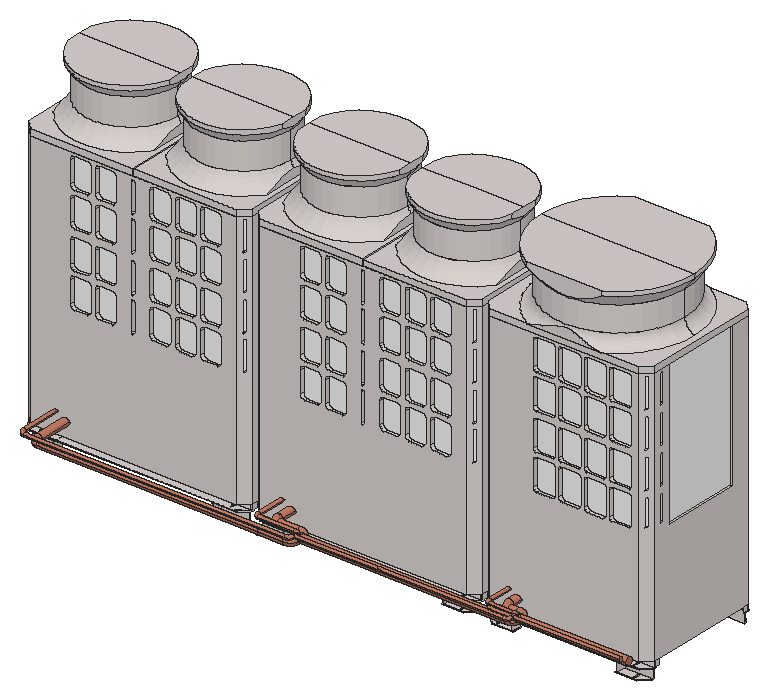
Revit family "PUHY-EP1000YSNW-A1", category 機械設備, Revit 2016 (continued)
Definition of nested family "PUHY-EP250YNW-A1"
  Forms (mm)
    Extrusion 5, void
      sketch origin (-10, -370, 113) x (1, 0, 0) y (0, 0, -1)
        loop
          arc (-55, -1393.5) -> (-40.858, -1387.642) -> (-35, -1373.5) r 20
          line (-35, -1373.5) -> (-35, -1238.676)
          arc (-35, -1238.676) -> (-40.858, -1224.534) -> (-55, -1218.676) r 20
          line (-55, -1218.676) -> (-139.8, -1218.676)
          arc (-139.8, -1218.676) -> (-153.942, -1224.534) -> (-159.8, -1238.676) r 20
          line (-159.8, -1238.676) -> (-159.8, -1373.5)
          arc (-159.8, -1373.5) -> (-153.942, -1387.642) -> (-139.8, -1393.5) r 20
          line (-139.8, -1393.5) -> (-55, -1393.5)
      from 0 to 20
    Extrusion 6, void
      sketch origin (410, -370, -81) x (1, 0, 0) y (0, 0, -1)
        loop
          arc (-55, -1393.5) -> (-40.858, -1387.642) -> (-35, -1373.5) r 20
          line (-35, -1373.5) -> (-35, -1238.676)
          arc (-35, -1238.676) -> (-40.858, -1224.534) -> (-55, -1218.676) r 20
          line (-55, -1218.676) -> (-139.8, -1218.676)
          arc (-139.8, -1218.676) -> (-153.942, -1224.534) -> (-159.8, -1238.676) r 20
          line (-159.8, -1238.676) -> (-159.8, -1373.5)
          arc (-159.8, -1373.5) -> (-153.942, -1387.642) -> (-139.8, -1393.5) r 20
          line (-139.8, -1393.5) -> (-55, -1393.5)
      from 0 to 20
    Extrusion 7, void
      sketch origin (270, -370, -81) x (1, 0, 0) y (0, 0, -1)
        loop
          arc (-55, -1393.5) -> (-40.858, -1387.642) -> (-35, -1373.5) r 20
          line (-35, -1373.5) -> (-35, -1238.676)
          arc (-35, -1238.676) -> (-40.858, -1224.534) -> (-55, -1218.676) r 20
          line (-55, -1218.676) -> (-139.8, -1218.676)
          arc (-139.8, -1218.676) -> (-153.942, -1224.534) -> (-159.8, -1238.676) r 20
          line (-159.8, -1238.676) -> (-159.8, -1373.5)
          arc (-159.8, -1373.5) -> (-153.942, -1387.642) -> (-139.8, -1393.5) r 20
          line (-139.8, -1393.5) -> (-55, -1393.5)
      from 0 to 20
    Extrusion 8, void
      sketch origin (130, -370, -81) x (1, 0, 0) y (0, 0, -1)
        loop
          arc (-55, -1393.5) -> (-40.858, -1387.642) -> (-35, -1373.5) r 20
          line (-35, -1373.5) -> (-35, -1238.676)
          arc (-35, -1238.676) -> (-40.858, -1224.534) -> (-55, -1218.676) r 20
          line (-55, -1218.676) -> (-139.8, -1218.676)
          arc (-139.8, -1218.676) -> (-153.942, -1224.534) -> (-159.8, -1238.676) r 20
          line (-159.8, -1238.676) -> (-159.8, -1373.5)
          arc (-159.8, -1373.5) -> (-153.942, -1387.642) -> (-139.8, -1393.5) r 20
          line (-139.8, -1393.5) -> (-55, -1393.5)
      from 0 to 20
    Extrusion 9, void
      sketch origin (-10, -370, -81) x (1, 0, 0) y (0, 0, -1)
        loop
          arc (-55, -1393.5) -> (-40.858, -1387.642) -> (-35, -1373.5) r 20
          line (-35, -1373.5) -> (-35, -1238.676)
          arc (-35, -1238.676) -> (-40.858, -1224.534) -> (-55, -1218.676) r 20
          line (-55, -1218.676) -> (-139.8, -1218.676)
          arc (-139.8, -1218.676) -> (-153.942, -1224.534) -> (-159.8, -1238.676) r 20
          line (-159.8, -1238.676) -> (-159.8, -1373.5)
          arc (-159.8, -1373.5) -> (-153.942, -1387.642) -> (-139.8, -1393.5) r 20
          line (-139.8, -1393.5) -> (-55, -1393.5)
      from 0 to 20
    Extrusion 10, void
      sketch origin (410, -370, -287) x (1, 0, 0) y (0, 0, -1)
        loop
          arc (-55, -1393.5) -> (-40.858, -1387.642) -> (-35, -1373.5) r 20
          line (-35, -1373.5) -> (-35, -1238.676)
          arc (-35, -1238.676) -> (-40.858, -1224.534) -> (-55, -1218.676) r 20
          line (-55, -1218.676) -> (-139.8, -1218.676)
          arc (-139.8, -1218.676) -> (-153.942, -1224.534) -> (-159.8, -1238.676) r 20
          line (-159.8, -1238.676) -> (-159.8, -1373.5)
          arc (-159.8, -1373.5) -> (-153.942, -1387.642) -> (-139.8, -1393.5) r 20
          line (-139.8, -1393.5) -> (-55, -1393.5)
      from 0 to 20
    Extrusion 11, void
      sketch origin (270, -370, -287) x (1, 0, 0) y (0, 0, -1)
        loop
          arc (-55, -1393.5) -> (-40.858, -1387.642) -> (-35, -1373.5) r 20
          line (-35, -1373.5) -> (-35, -1238.676)
          arc (-35, -1238.676) -> (-40.858, -1224.534) -> (-55, -1218.676) r 20
          line (-55, -1218.676) -> (-139.8, -1218.676)
          arc (-139.8, -1218.676) -> (-153.942, -1224.534) -> (-159.8, -1238.676) r 20
          line (-159.8, -1238.676) -> (-159.8, -1373.5)
          arc (-159.8, -1373.5) -> (-153.942, -1387.642) -> (-139.8, -1393.5) r 20
          line (-139.8, -1393.5) -> (-55, -1393.5)
      from 0 to 20
    Extrusion 12, void
      sketch origin (130, -370, -287) x (1, 0, 0) y (0, 0, -1)
        loop
          arc (-55, -1393.5) -> (-40.858, -1387.642) -> (-35, -1373.5) r 20
          line (-35, -1373.5) -> (-35, -1238.676)
          arc (-35, -1238.676) -> (-40.858, -1224.534) -> (-55, -1218.676) r 20
          line (-55, -1218.676) -> (-139.8, -1218.676)
          arc (-139.8, -1218.676) -> (-153.942, -1224.534) -> (-159.8, -1238.676) r 20
          line (-159.8, -1238.676) -> (-159.8, -1373.5)
          arc (-159.8, -1373.5) -> (-153.942, -1387.642) -> (-139.8, -1393.5) r 20
          line (-139.8, -1393.5) -> (-55, -1393.5)
      from 0 to 20
    Extrusion 13, void
      sketch origin (-10, -370, -287) x (1, 0, 0) y (0, 0, -1)
        loop
          arc (-55, -1393.5) -> (-40.858, -1387.642) -> (-35, -1373.5) r 20
          line (-35, -1373.5) -> (-35, -1238.676)
          arc (-35, -1238.676) -> (-40.858, -1224.534) -> (-55, -1218.676) r 20
          line (-55, -1218.676) -> (-139.8, -1218.676)
          arc (-139.8, -1218.676) -> (-153.942, -1224.534) -> (-159.8, -1238.676) r 20
          line (-159.8, -1238.676) -> (-159.8, -1373.5)
          arc (-159.8, -1373.5) -> (-153.942, -1387.642) -> (-139.8, -1393.5) r 20
          line (-139.8, -1393.5) -> (-55, -1393.5)
      from 0 to 20
    Extrusion 14, void
      sketch origin (410, -370, -481) x (1, 0, 0) y (0, 0, -1)
        loop
          arc (-55, -1393.5) -> (-40.858, -1387.642) -> (-35, -1373.5) r 20
          line (-35, -1373.5) -> (-35, -1238.676)
          arc (-35, -1238.676) -> (-40.858, -1224.534) -> (-55, -1218.676) r 20
          line (-55, -1218.676) -> (-139.8, -1218.676)
          arc (-139.8, -1218.676) -> (-153.942, -1224.534) -> (-159.8, -1238.676) r 20
          line (-159.8, -1238.676) -> (-159.8, -1373.5)
          arc (-159.8, -1373.5) -> (-153.942, -1387.642) -> (-139.8, -1393.5) r 20
          line (-139.8, -1393.5) -> (-55, -1393.5)
      from 0 to 20
    Extrusion 15, void
      sketch origin (270, -370, -481) x (1, 0, 0) y (0, 0, -1)
        loop
          arc (-55, -1393.5) -> (-40.858, -1387.642) -> (-35, -1373.5) r 20
          line (-35, -1373.5) -> (-35, -1238.676)
          arc (-35, -1238.676) -> (-40.858, -1224.534) -> (-55, -1218.676) r 20
          line (-55, -1218.676) -> (-139.8, -1218.676)
          arc (-139.8, -1218.676) -> (-153.942, -1224.534) -> (-159.8, -1238.676) r 20
          line (-159.8, -1238.676) -> (-159.8, -1373.5)
          arc (-159.8, -1373.5) -> (-153.942, -1387.642) -> (-139.8, -1393.5) r 20
          line (-139.8, -1393.5) -> (-55, -1393.5)
      from 0 to 20
    Extrusion 16, void
      sketch origin (130, -370, -481) x (1, 0, 0) y (0, 0, -1)
        loop
          arc (-55, -1393.5) -> (-40.858, -1387.642) -> (-35, -1373.5) r 20
          line (-35, -1373.5) -> (-35, -1238.676)
          arc (-35, -1238.676) -> (-40.858, -1224.534) -> (-55, -1218.676) r 20
          line (-55, -1218.676) -> (-139.8, -1218.676)
          arc (-139.8, -1218.676) -> (-153.942, -1224.534) -> (-159.8, -1238.676) r 20
          line (-159.8, -1238.676) -> (-159.8, -1373.5)
          arc (-159.8, -1373.5) -> (-153.942, -1387.642) -> (-139.8, -1393.5) r 20
          line (-139.8, -1393.5) -> (-55, -1393.5)
      from 0 to 20
    Extrusion 17, void
      sketch origin (-10, -370, -481) x (1, 0, 0) y (0, 0, -1)
        loop
          arc (-55, -1393.5) -> (-40.858, -1387.642) -> (-35, -1373.5) r 20
          line (-35, -1373.5) -> (-35, -1238.676)
          arc (-35, -1238.676) -> (-40.858, -1224.534) -> (-55, -1218.676) r 20
          line (-55, -1218.676) -> (-139.8, -1218.676)
          arc (-139.8, -1218.676) -> (-153.942, -1224.534) -> (-159.8, -1238.676) r 20
          line (-159.8, -1238.676) -> (-159.8, -1373.5)
          arc (-159.8, -1373.5) -> (-153.942, -1387.642) -> (-139.8, -1393.5) r 20
          line (-139.8, -1393.5) -> (-55, -1393.5)
      from 0 to 20
    Extrusion 18, solid
      sketch origin (0, -189, -3) x (0, 0, -1) y (-1, 0, 0)
        loop
          circle (-179, 217) r 11.1
      from 0 to 150
    Extrusion 19, solid
      sketch origin (0, -172, -3) x (0, 0, -1) y (-1, 0, 0)
        loop
          circle (-179, 300) r 4.76
      from 0 to 150
    Extrusion 20, void
      sketch origin (-460, -320, 113) x (0, -1, 0) y (0, 0, -1)
        loop
          line (-611.5, -1236.511) -> (-611.5, -1386.5)
          arc (-611.5, -1386.5) -> (-601.5, -1396.5) -> (-591.5, -1386.5) r 10
          line (-591.5, -1386.5) -> (-591.5, -1236.511)
          arc (-591.5, -1236.511) -> (-601.5, -1226.511) -> (-611.5, -1236.511) r 10
      from 0 to 20
    Extrusion 21, void
      sketch origin (-460, -320, -87.006) x (0, -1, 0) y (0, 0, -1)
        loop
          line (-611.5, -1236.511) -> (-611.5, -1386.5)
          arc (-611.5, -1386.5) -> (-601.5, -1396.5) -> (-591.5, -1386.5) r 10
          line (-591.5, -1386.5) -> (-591.5, -1236.511)
          arc (-591.5, -1236.511) -> (-601.5, -1226.511) -> (-611.5, -1236.511) r 10
      from 0 to 20
    Extrusion 22, void
      sketch origin (-460, -320, -287.006) x (0, -1, 0) y (0, 0, -1)
        loop
          line (-611.5, -1236.511) -> (-611.5, -1386.5)
          arc (-611.5, -1386.5) -> (-601.5, -1396.5) -> (-591.5, -1386.5) r 10
          line (-591.5, -1386.5) -> (-591.5, -1236.511)
          arc (-591.5, -1236.511) -> (-601.5, -1226.511) -> (-611.5, -1236.511) r 10
      from 0 to 20
    Extrusion 23, void
      sketch origin (-460, -320, -479.506) x (0, -1, 0) y (0, 0, -1)
        loop
          line (-611.5, -1244.006) -> (-611.5, -1379.006)
          arc (-611.5, -1379.006) -> (-601.5, -1389.006) -> (-591.5, -1379.006) r 10
          line (-591.5, -1379.006) -> (-591.5, -1244.006)
          arc (-591.5, -1244.006) -> (-601.5, -1234.006) -> (-611.5, -1244.006) r 10
      from 0 to 20
    Extrusion 24, void
      sketch origin (-460, -320, 113) x (0, -1, 0) y (0, 0, -1)
        loop
          line (-543, -1408) -> (-215, -1408) -> (-215, -632) -> (-543, -632) -> (-543, -1408)
      from 0 to 20
    Extrusion 25, void
      sketch origin (-410, 370, 113) x (0.707107, 0.707107, 0) y (0, 0, 1)
        loop
          line (-27.158, 1236.539) -> (-27.158, 1386.461)
          arc (-27.158, 1386.461) -> (-37.158, 1396.461) -> (-47.158, 1386.461) r 10
          line (-47.158, 1386.461) -> (-47.158, 1236.539)
          arc (-47.158, 1236.539) -> (-37.158, 1226.539) -> (-27.158, 1236.539) r 10
        loop
          line (-27.158, 1036.539) -> (-27.158, 1186.461)
          arc (-27.158, 1186.461) -> (-37.158, 1196.461) -> (-47.158, 1186.461) r 10
          line (-47.158, 1186.461) -> (-47.158, 1036.539)
          arc (-47.158, 1036.539) -> (-37.158, 1026.539) -> (-27.158, 1036.539) r 10
        loop
          line (-27.158, 836.539) -> (-27.158, 986.461)
          arc (-27.158, 986.461) -> (-37.158, 996.461) -> (-47.158, 986.461) r 10
          line (-47.158, 986.461) -> (-47.158, 836.539)
          arc (-47.158, 836.539) -> (-37.158, 826.539) -> (-27.158, 836.539) r 10
        loop
          line (-27.158, 652.5) -> (-27.158, 785.5)
          arc (-27.158, 785.5) -> (-37.158, 795.5) -> (-47.158, 785.5) r 10
          line (-47.158, 785.5) -> (-47.158, 652.5)
          arc (-47.158, 652.5) -> (-37.158, 642.5) -> (-27.158, 652.5) r 10
      from 0 to 20
    Extrusion 26, void
      sketch origin (460, -320, 113) x (0.707107, 0.707107, 0) y (0, 0, -1)
        loop
          arc (-25.5, -1236.423) -> (-35.5, -1226.423) -> (-45.5, -1236.423) r 10
          line (-45.5, -1236.423) -> (-45.5, -1386.487)
          arc (-45.5, -1386.487) -> (-35.5, -1396.487) -> (-25.5, -1386.487) r 10
          line (-25.5, -1386.487) -> (-25.5, -1236.423)
      from 0 to 20
    Extrusion 27, void
      sketch origin (460, -320, -86.884) x (0.707107, 0.707107, 0) y (0, 0, -1)
        loop
          arc (-25.5, -1236.423) -> (-35.5, -1226.423) -> (-45.5, -1236.423) r 10
          line (-45.5, -1236.423) -> (-45.5, -1386.487)
          arc (-45.5, -1386.487) -> (-35.5, -1396.487) -> (-25.5, -1386.487) r 10
          line (-25.5, -1386.487) -> (-25.5, -1236.423)
      from 0 to 20
    Extrusion 28, void
      sketch origin (460, -320, -286.884) x (0.707107, 0.707107, 0) y (0, 0, -1)
        loop
          arc (-25.5, -1236.423) -> (-35.5, -1226.423) -> (-45.5, -1236.423) r 10
          line (-45.5, -1236.423) -> (-45.5, -1386.487)
          arc (-45.5, -1386.487) -> (-35.5, -1396.487) -> (-25.5, -1386.487) r 10
          line (-25.5, -1386.487) -> (-25.5, -1236.423)
      from 0 to 20
    Extrusion 29, void
      sketch origin (460, -320, -487.987) x (0.707107, 0.707107, 0) y (0, 0, -1)
        loop
          arc (-25.5, -1253.487) -> (-35.5, -1243.487) -> (-45.5, -1253.487) r 10
          line (-45.5, -1253.487) -> (-45.5, -1386.487)
          arc (-45.5, -1386.487) -> (-35.5, -1396.487) -> (-25.5, -1386.487) r 10
          line (-25.5, -1386.487) -> (-25.5, -1253.487)
      from 0 to 20
    Extrusion 30, void
      sketch origin (460, 320, 113) x (0, 1, 0) y (0, 0, -1)
        loop
          line (-604, -1236.423) -> (-604, -1386.487)
          arc (-604, -1386.487) -> (-594, -1396.487) -> (-584, -1386.487) r 10
          line (-584, -1386.487) -> (-584, -1236.423)
          arc (-584, -1236.423) -> (-594, -1226.423) -> (-604, -1236.423) r 10
        loop
          line (-604, -1036.539) -> (-604, -1186.603)
          arc (-604, -1186.603) -> (-594, -1196.603) -> (-584, -1186.603) r 10
          line (-584, -1186.603) -> (-584, -1036.539)
          arc (-584, -1036.539) -> (-594, -1026.539) -> (-604, -1036.539) r 10
        loop
          line (-604, -836.539) -> (-604, -986.603)
          arc (-604, -986.603) -> (-594, -996.603) -> (-584, -986.603) r 10
          line (-584, -986.603) -> (-584, -836.539)
          arc (-584, -836.539) -> (-594, -826.539) -> (-604, -836.539) r 10
        loop
          line (-604, -652.5) -> (-604, -785.5)
          arc (-604, -785.5) -> (-594, -795.5) -> (-584, -785.5) r 10
          line (-584, -785.5) -> (-584, -652.5)
          arc (-584, -652.5) -> (-594, -642.5) -> (-604, -652.5) r 10
      from 0 to 20
    Extrusion 31, void
      sketch origin (460, 320, 113) x (0, 1, 0) y (0, 0, -1)
        loop
          line (-542, -1408) -> (-100, -1408) -> (-100, -611.5) -> (-542, -611.5) -> (-542, -1408)
      from 0 to 20
    Extrusion 32, void
      sketch origin (-410, 370, 113) x (-1, 0, 0) y (0, 0, -1)
        loop
          line (-718, -1408) -> (-47, -1408) -> (-47, -613) -> (-718, -613) -> (-718, -1408)
      from 0 to 20
  Cuts and joins
    Extrusion 2, Extrusion 3, Extrusion 4, Extrusion 5, Extrusion 6, Extrusion 7, Extrusion 8, Extrusion 9, Extrusion 10, Extrusion 11, Extrusion 12, Extrusion 13, Extrusion 14, Extrusion 15, Extrusion 16, Extrusion 17, Extrusion 20, Extrusion 21, Extrusion 22, Extrusion 23, Extrusion 24, Extrusion 25, Extrusion 26, Extrusion 27, Extrusion 28, Extrusion 29, Extrusion 30, Extrusion 31, Extrusion 32 cuts Extrusion 1
  Lines and regions (mm)
    model lines
      curve 1: line (-390, -370, 716) -> (390, -370, 716)
      curve 2: line (-390, -370, 1521) -> (-390, -370, 95)
      curve 3: line (390, -370, 1521) -> (390, -370, 95)
      curve 4: line (-172, -370, 95) -> (-172, -370, 207.5)
      curve 5: line (390, -370, 224.5) -> (199, -370, 224.5)
      curve 6: line (172, -370, 197.5) -> (172, -370, 95)
      curve 7: arc (-189, -370, 224.5) -> (-176.979, -370, 219.521) -> (-172, -370, 207.5) r 17
      curve 8: arc (199, -370, 224.5) -> (179.908, -370, 216.592) -> (172, -370, 197.5) r 27
      curve 9: line (-192, -291, 95) -> (-322, -291, 95)
      curve 10: line (-182, -207, 95) -> (-182, -281, 95)
      curve 11: line (-322, -197, 95) -> (-192, -197, 95)
      curve 12: line (-332, -281, 95) -> (-332, -207, 95)
      curve 13: arc (-332, -281, 95) -> (-329.071, -288.071, 95) -> (-322, -291, 95) r 10
      curve 14: arc (-192, -291, 95) -> (-184.929, -288.071, 95) -> (-182, -281, 95) r 10
      curve 15: arc (-182, -207, 95) -> (-184.929, -199.929, 95) -> (-192, -197, 95) r 10
      curve 16: arc (-322, -197, 95) -> (-329.071, -199.929, 95) -> (-332, -207, 95) r 10
      curve 25: line (-219, -370, 1521) -> (-219, -370, 716)
      curve 26: line (-189, -370, 224.5) -> (-390, -370, 224.5)
      curve 27: circle (308, -185, 95) r 26 normal (0, 0, 1)
      curve 28: circle (288, -260, 95) r 32.5 normal (0, 0, 1)
      curve 29: circle (244, -204, 95) r 17 normal (0, 0, 1)
      curve 30: line (-460, 243, 1521) -> (-460, 243, 95)
      curve 32: line (-460, 243, 705) -> (-460, -155, 705)
      curve 33: line (-460, -155, 95) -> (-460, -155, 1521)
      curve 34: line (-460, 223, 1521) -> (-460, 223, 705)
      curve 35: line (-460, -105, 1521) -> (-460, -105, 705)
      curve 36: line (-460, -95.983, 267.745) -> (-460, 184, 267.745)
      curve 37: line (-460, 184, 247.745) -> (-460, -95.983, 247.745)
      curve 38: arc (-460, -95.983, 247.745) -> (-460, -105.983, 257.745) -> (-460, -95.983, 267.745) r 10
      curve 39: arc (-460, 184, 267.745) -> (-460, 194, 257.745) -> (-460, 184, 247.745) r 10
      curve 40: line (-460, -95.983, 372.745) -> (-460, 184, 372.745)
      curve 41: line (-460, 184, 352.745) -> (-460, -95.983, 352.745)
      curve 42: arc (-460, -95.983, 352.745) -> (-460, -105.983, 362.745) -> (-460, -95.983, 372.745) r 10
      curve 43: arc (-460, 184, 372.745) -> (-460, 194, 362.745) -> (-460, 184, 352.745) r 10
      curve 44: line (-460, -95.983, 477.745) -> (-460, 184, 477.745)
      curve 45: line (-460, 184, 457.745) -> (-460, -95.983, 457.745)
      curve 46: arc (-460, -95.983, 457.745) -> (-460, -105.983, 467.745) -> (-460, -95.983, 477.745) r 10
      curve 47: arc (-460, 184, 477.745) -> (-460, 194, 467.745) -> (-460, 184, 457.745) r 10
      curve 48: line (-460, -95.983, 582.745) -> (-460, 184, 582.745)
      curve 49: line (-460, 184, 562.745) -> (-460, -95.983, 562.745)
      curve 50: arc (-460, -95.983, 562.745) -> (-460, -105.983, 572.745) -> (-460, -95.983, 582.745) r 10
      curve 51: arc (-460, 184, 582.745) -> (-460, 194, 572.745) -> (-460, 184, 562.745) r 10
      curve 52: line (-110, -370, 269) -> (110, -370, 269)
      curve 53: line (110, -370, 249) -> (-110, -370, 249)
      curve 54: arc (-120, -370, 259) -> (-117.071, -370, 266.071) -> (-110, -370, 269) r 10
      curve 55: arc (-110, -370, 249) -> (-117.071, -370, 251.929) -> (-120, -370, 259) r 10
      curve 56: arc (110, -370, 269) -> (117.071, -370, 266.071) -> (120, -370, 259) r 10
      curve 57: arc (120, -370, 259) -> (117.071, -370, 251.929) -> (110, -370, 249) r 10
      curve 58: line (-222.5, -370, 584) -> (222.5, -370, 584)
      curve 59: line (222.5, -370, 564) -> (-222.5, -370, 564)
      curve 60: arc (-222.5, -370, 584) -> (-229.571, -370, 581.071) -> (-232.5, -370, 574) r 10
      curve 61: arc (222.5, -370, 584) -> (229.571, -370, 581.071) -> (232.5, -370, 574) r 10
      curve 62: arc (232.5, -370, 574) -> (229.571, -370, 566.929) -> (222.5, -370, 564) r 10
      curve 63: arc (-222.5, -370, 564) -> (-229.571, -370, 566.929) -> (-232.5, -370, 574) r 10
      curve 64: line (-222.5, -370, 479) -> (222.5, -370, 479)
      curve 65: line (222.5, -370, 459) -> (-222.5, -370, 459)
      curve 66: arc (-222.5, -370, 479) -> (-229.571, -370, 476.071) -> (-232.5, -370, 469) r 10
      curve 67: arc (222.5, -370, 479) -> (229.571, -370, 476.071) -> (232.5, -370, 469) r 10
      curve 68: arc (232.5, -370, 469) -> (229.571, -370, 461.929) -> (222.5, -370, 459) r 10
      curve 69: arc (-222.5, -370, 459) -> (-229.571, -370, 461.929) -> (-232.5, -370, 469) r 10
      curve 70: line (-222.5, -370, 374) -> (222.5, -370, 374)
      curve 71: line (222.5, -370, 354) -> (-222.5, -370, 354)
      curve 72: arc (-222.5, -370, 374) -> (-229.571, -370, 371.071) -> (-232.5, -370, 364) r 10
      curve 73: arc (222.5, -370, 374) -> (229.571, -370, 371.071) -> (232.5, -370, 364) r 10
      curve 74: arc (232.5, -370, 364) -> (229.571, -370, 356.929) -> (222.5, -370, 354) r 10
      curve 75: arc (-222.5, -370, 354) -> (-229.571, -370, 356.929) -> (-232.5, -370, 364) r 10
      curve 76: line (460, -237.5, 1521) -> (460, -237.5, 95)
      curve 77: line (460, -237.5, 705) -> (460, 236.5, 705)
      curve 78: line (460, -237.5, 724.5) -> (460, 236.5, 724.5)
      curve 79: line (460, 236.5, 1521) -> (460, 236.5, 95)
      curve 80: line (327.5, 370, 1521) -> (327.5, 370, 95)
      curve 81: line (308, 370, 1521) -> (308, 370, 706)
      curve 82: line (327.5, 370, 706) -> (-382.5, 370, 706)
      curve 83: line (-382.5, 370, 1521) -> (-382.5, 370, 95)
      curve 84: line (-363, 370, 1521) -> (-363, 370, 706)
      curve 85: line (460, -140.491, 267.745) -> (460, 139.491, 267.745)
      curve 86: line (460, 139.491, 247.745) -> (460, -140.491, 247.745)
      curve 87: arc (460, -140.491, 247.745) -> (460, -150.491, 257.745) -> (460, -140.491, 267.745) r 10
      curve 88: arc (460, 139.491, 267.745) -> (460, 149.491, 257.745) -> (460, 139.491, 247.745) r 10
      curve 89: line (460, -140.491, 372.745) -> (460, 139.491, 372.745)
      curve 90: line (460, 139.491, 352.745) -> (460, -140.491, 352.745)
      curve 91: arc (460, -140.491, 352.745) -> (460, -150.491, 362.745) -> (460, -140.491, 372.745) r 10
      curve 92: arc (460, 139.491, 372.745) -> (460, 149.491, 362.745) -> (460, 139.491, 352.745) r 10
      curve 93: line (460, -140.491, 477.745) -> (460, 139.491, 477.745)
      curve 94: line (460, 139.491, 457.745) -> (460, -140.491, 457.745)
      curve 95: arc (460, -140.491, 457.745) -> (460, -150.491, 467.745) -> (460, -140.491, 477.745) r 10
      curve 96: arc (460, 139.491, 477.745) -> (460, 149.491, 467.745) -> (460, 139.491, 457.745) r 10
      curve 97: line (460, -140.491, 582.745) -> (460, 139.491, 582.745)
      curve 98: line (460, 139.491, 562.745) -> (460, -140.491, 562.745)
      curve 99: arc (460, -140.491, 562.745) -> (460, -150.491, 572.745) -> (460, -140.491, 582.745) r 10
      curve 100: arc (460, 139.491, 582.745) -> (460, 149.491, 572.745) -> (460, 139.491, 562.745) r 10
      curve 101: line (-222.5, 370, 584) -> (222.5, 370, 584)
      curve 102: line (222.5, 370, 564) -> (-222.5, 370, 564)
      curve 103: arc (-222.5, 370, 584) -> (-229.571, 370, 581.071) -> (-232.5, 370, 574) r 10
      curve 104: arc (222.5, 370, 584) -> (229.571, 370, 581.071) -> (232.5, 370, 574) r 10
      curve 105: arc (232.5, 370, 574) -> (229.571, 370, 566.929) -> (222.5, 370, 564) r 10
      curve 106: arc (-222.5, 370, 564) -> (-229.571, 370, 566.929) -> (-232.5, 370, 574) r 10
      curve 107: line (-222.5, 370, 479) -> (222.5, 370, 479)
      curve 108: line (222.5, 370, 459) -> (-222.5, 370, 459)
      curve 109: arc (-222.5, 370, 479) -> (-229.571, 370, 476.071) -> (-232.5, 370, 469) r 10
      curve 110: arc (222.5, 370, 479) -> (229.571, 370, 476.071) -> (232.5, 370, 469) r 10
      curve 111: arc (232.5, 370, 469) -> (229.571, 370, 461.929) -> (222.5, 370, 459) r 10
      curve 112: arc (-222.5, 370, 459) -> (-229.571, 370, 461.929) -> (-232.5, 370, 469) r 10
      curve 113: line (-222.5, 370, 374) -> (222.5, 370, 374)
      curve 114: line (222.5, 370, 354) -> (-222.5, 370, 354)
      curve 115: arc (-222.5, 370, 374) -> (-229.571, 370, 371.071) -> (-232.5, 370, 364) r 10
      curve 116: arc (222.5, 370, 374) -> (229.571, 370, 371.071) -> (232.5, 370, 364) r 10
      curve 117: arc (232.5, 370, 364) -> (229.571, 370, 356.929) -> (222.5, 370, 354) r 10
      curve 118: arc (-222.5, 370, 354) -> (-229.571, 370, 356.929) -> (-232.5, 370, 364) r 10
      curve 119: line (-222.5, 370, 269) -> (222.5, 370, 269)
      curve 120: line (222.5, 370, 249) -> (-222.5, 370, 249)
      curve 121: arc (-222.5, 370, 269) -> (-229.571, 370, 266.071) -> (-232.5, 370, 259) r 10
      curve 122: arc (222.5, 370, 269) -> (229.571, 370, 266.071) -> (232.5, 370, 259) r 10
      curve 123: arc (232.5, 370, 259) -> (229.571, 370, 251.929) -> (222.5, 370, 249) r 10
      curve 124: arc (-222.5, 370, 249) -> (-229.571, 370, 251.929) -> (-232.5, 370, 259) r 10
      curve 125: line (-325, -370, 131) -> (-197, -370, 131)
      curve 126: line (-335, -370, 205) -> (-335, -370, 141)
      curve 127: line (-197, -370, 215) -> (-325, -370, 215)
      curve 128: line (-187, -370, 141) -> (-187, -370, 205)
      curve 129: arc (-335, -370, 205) -> (-332.071, -370, 212.071) -> (-325, -370, 215) r 10
      curve 130: arc (-197, -370, 215) -> (-189.929, -370, 212.071) -> (-187, -370, 205) r 10
      curve 131: arc (-335, -370, 141) -> (-332.071, -370, 133.929) -> (-325, -370, 131) r 10
      curve 132: arc (-197, -370, 131) -> (-189.929, -370, 133.929) -> (-187, -370, 141) r 10
      curve 133: circle (328, -370, 170) r 20 normal (0, -1, 0)
      curve 134: circle (328, -370, 170) r 32.5 normal (0, -1, 0)
      curve 135: circle (253, -370, 185) r 13.5 normal (0, -1, 0)
      curve 136: circle (253, -370, 185) r 26 normal (0, -1, 0)
      curve 137: circle (204, -370, 150) r 17 normal (0, -1, 0)
    model lines, not visible
      curve 17: line (487.5, -370, 703) -> (492.5, -370, 703)
      curve 18: line (477.5, -370, 363) -> (477.5, -370, 693)
      curve 19: line (492.5, -370, 353) -> (487.5, -370, 353)
      curve 20: line (502.5, -370, 693) -> (502.5, -370, 363)
      curve 21: arc (487.5, -370, 703) -> (480.429, -370, 700.071) -> (477.5, -370, 693) r 10
      curve 22: arc (492.5, -370, 703) -> (499.571, -370, 700.071) -> (502.5, -370, 693) r 10
      curve 23: arc (502.5, -370, 363) -> (499.571, -370, 355.929) -> (492.5, -370, 353) r 10
      curve 24: arc (477.5, -370, 363) -> (480.429, -370, 355.929) -> (487.5, -370, 353) r 10
    reference lines
      curve 31: line (-410, 370, 0) -> (-460, 320, 0)
  Dimensions and locks
    nested 1 to level = 1858.000 mm
    nested 1 to nested 1 = 303.000 mm
    nested 5 to nested 5 = 60.000 mm
    nested 1 to nested 2 = 1495.000 mm
    Extrusion 1 to Extrusion 1 = 920.000 mm
    Extrusion 2 sketch curve to Extrusion 2 sketch curve = 174.824 mm
    Extrusion 3 sketch curve to Extrusion 3 sketch curve = 174.824 mm
    equal spacing: group 5, group 4, group 3, group 2
    equal spacing: group 2, group 3, group 4, group 5  (x2)
    Extrusion 4 sketch curve to Extrusion 4 sketch curve = 174.824 mm
    Extrusion 5 sketch curve to Extrusion 5 sketch curve = 174.824 mm
    Extrusion 6 sketch curve to Extrusion 6 sketch curve = 174.824 mm
    Extrusion 7 sketch curve to Extrusion 7 sketch curve = 174.824 mm
    Extrusion 8 sketch curve to Extrusion 8 sketch curve = 174.824 mm
    Extrusion 9 sketch curve to Extrusion 9 sketch curve = 174.824 mm
    Extrusion 10 sketch curve to Extrusion 10 sketch curve = 174.824 mm
    Extrusion 11 sketch curve to Extrusion 11 sketch curve = 174.824 mm
    Extrusion 12 sketch curve to Extrusion 12 sketch curve = 174.824 mm
    Extrusion 13 sketch curve to Extrusion 13 sketch curve = 174.824 mm
    Extrusion 14 sketch curve to Extrusion 14 sketch curve = 174.824 mm
    Extrusion 15 sketch curve to Extrusion 15 sketch curve = 174.824 mm
    Extrusion 16 sketch curve to Extrusion 16 sketch curve = 174.824 mm
    Extrusion 17 sketch curve to Extrusion 17 sketch curve = 174.824 mm
    cut or joined group 1 (Extrusion 1, Extrusion 2, Extrusion 3, Extrusion 4, Extrusion 5, Extrusion 6, Extrusion 7, Extrusion 8, Extrusion 9, Extrusion 10, Extrusion 11, Extrusion 12, Extrusion 13, Extrusion 14, Extrusion 15, Extrusion 16, Extrusion 17, Extrusion 20, Extrusion 21, Extrusion 22, Extrusion 23, Extrusion 24, Extrusion 25, Extrusion 26, Extrusion 27, Extrusion 28, Extrusion 29, Extrusion 30, Extrusion 31, Extrusion 32) to cut or joined group 1 = 820.000 mm
    cut or joined group 1 to cut or joined group 1 = 920.000 mm
    cut or joined group 1 to cut or joined group 1 = 740.000 mm
    nested 5 to cut or joined group 1 = 80.000 mm
    cut or joined group 1 to nested 4 to nested 5 = 80.000 mm, 760.000 mm
    cut or joined group 1 to nested 2 = 29.500 mm
    cut or joined group 1 to nested 3 to nested 2 = 29.500 mm, 681.000 mm
    cut or joined group 1 to cut or joined group 1 = 35.000 mm
    plane 6 "44" to cut or joined group 1 = 3.536 mm
    Extrusion 25 sketch curve to Extrusion 25 sketch curve = 20.000 mm
    cut or joined group 1 to cut or joined group 1 = 50.000 mm
    locked: Extrusion 19 to nested 2 at 116
    curve 137 to nested 2 = 90.000 mm
    curve 135 to nested 2 = 125.000 mm
    curve 133 to nested 2 = 110.000 mm
    cut or joined group 1 to curve 133 = 132.000 mm
    cut or joined group 1 to curve 135 = 207.000 mm
    cut or joined group 1 to curve 137 = 256.000 mm
    cut or joined group 1 to curve 126 to curve 128 = 125.000 mm, 148.000 mm
    curve 127 to curve 125 to nested 2 = 84.000 mm, 71.000 mm
    cut or joined group 1 to Extrusion 19 = 198.000 mm
    cut or joined group 1 to Extrusion 18 = 181.000 mm
    cut or joined group 1 to curve 29 = 166.000 mm
    cut or joined group 1 to curve 27 = 185.000 mm
    cut or joined group 1 to curve 28 = 110.000 mm
    curve 27 to cut or joined group 1 = 152.000 mm
    curve 28 to cut or joined group 1 = 172.000 mm
    curve 29 to cut or joined group 1 = 216.000 mm
    cut or joined group 1 to curve 9 to curve 11 = 79.000 mm, 94.000 mm
    cut or joined group 1 to curve 12 to curve 10 = 128.000 mm, 150.000 mm
    cut or joined group 1 to plane 10 = 160.000 mm
    cut or joined group 1 to plane 11 = 243.000 mm
    nested 4 to nested 4 = 60.000 mm
    cut or joined group 1 to nested 2 = 32.000 mm
    nested 4 to nested 4 = 56.000 mm
    nested 2 to nested 2 to nested 2 = 20.000 mm, 54.000 mm
    nested 3 to nested 2 = 592.000 mm
    nested 3 to nested 3 = 20.000 mm
    aligned and locked: level to plane 2
    aligned and locked: nested 2 to nested 4
    aligned and locked: nested 2 to nested 5
  Nested families
    nested 1: "FAN GUARD" at (0, 0, 861), type "FAN GUARD"
      with WIDTH 920.000 mm
    nested 2: "BASE LEG" at (0, -352, 60), type "BASE LEG"
      with Width 920.000 mm
    nested 3: "BASE LEG" at (0, 352, 60), type "BASE LEG"
      with Width 920.000 mm
    nested 4: "ATTACHMENT LEG" at (-374, -349, 0), type "ATTACHMENT LEG"
    nested 5: "ATTACHMENT LEG" at (374, -349, 0) x (-1, 0, 0) z (0, 0, 1), type "ATTACHMENT LEG"
    nested 6: "ATTACHMENT LEG" at (-374, 349, 0), type "ATTACHMENT LEG"
    nested 7: "ATTACHMENT LEG" at (374, 349, 0) x (-1, 0, 0) z (0, 0, 1), type "ATTACHMENT LEG"
  Connectors
    piping at (-217, -189, 176), diameter 22.2, driven by "Gas pipe_radius"
      settings: on Extrusion 18, index 3, connector inside diameter 22.2 mm, connector length 0.000 mm, flow factor 0, pipe flow 0.0 L/s, pressure drop 0.0 Pa, fitting loss kfactor 0, connector angle 0.00°, fixture units 0, engagement length 0.000 mm, angle of deflection 0.00°, flow configuration 0, flow direction 0, fitting loss method 0, system type 22, joint type 0, gender type 0, connector reference index -1, connector utility 0, adjustable connector no, is connector primary yes, connector description "Refrigerant service valve (gas)"
    piping at (-300, -172, 176), diameter 9.52, driven by "Liquid pipe_radius"
      settings: on Extrusion 19, index 4, connector inside diameter 9.52 mm, connector length 0.000 mm, flow factor 0, pipe flow 0.0 L/s, pressure drop 0.0 Pa, fitting loss kfactor 0, connector angle 0.00°, fixture units 0, engagement length 0.000 mm, angle of deflection 0.00°, flow configuration 0, flow direction 0, fitting loss method 0, system type 22, joint type 0, gender type 0, connector reference index -1, connector utility 0, adjustable connector no, is connector primary no, connector description "Refrigerant service valve (Liquid)"
    electrical at (0, -370, 808)
      settings: on cut or joined group 1, index 5, voltage 415 V, apparent load 0 VA, apparent load phase1 0 VA, apparent load phase2 0 VA, apparent load phase3 0 VA, power factor 1, load classification none, number of poles 3, system type 30, power factor state 1, is connector primary yes, connector utility no, sub classification motor no, connector description ""
  Definition of nested family "FAN GUARD"
    Parameters
      WIDTH [instance] = 920.000 mm
    Reference planes
      plane 1 "中心(正面/背面)": y = 0
      plane 2: z = 0
      plane 3 "中心(左/右)": x = 0
      plane 4 "ファンガード基準面": z = 660
      plane 5: y = 370
      plane 6: y = -370
      plane 7: x = 460
      plane 8: x = -460
      plane 9 "ファンガード基準上面": z = 694
      plane 10 "ファンガード上面": z = 997
    Forms (mm)
      Extrusion 1, solid
        sketch origin (0, 0, 660) x (-1, 0, 0) y (0, -1, 0)
          loop
            line (410, -370) -> (460, -320) -> (460, 320) -> (410, 370) -> (-410, 370) -> (-460, 320) -> (-460, -320) -> (-410, -370) -> (410, -370)
        from 0 to 34
      Revolve 2, solid
        sketch origin (0, 0, 0) x (1, 0, 0) y (0, 0, 1)
          loop
            line (0, 694) -> (0, 997) -> (-423, 997) -> (-423, 973) -> (-368.829, 903.664) -> (-368.829, 764.141)
            arc (-368.829, 764.141) -> (-384.109, 719.678) -> (-423.494, 694) r 72.332
            line (-423.494, 694) -> (0, 694)
          axis (0, 997) -> (0, 694)
        angle from 0 to 360
      Extrusion 3, void
        sketch origin (0, 0, 694) x (-1, 0, 0) y (0, -1, 0)
          loop
            line (345, -370) -> (-345, -370) -> (-345, -545) -> (345, -545) -> (345, -370)
          loop
            line (345, 370) -> (345, 539.592) -> (-345, 539.592) -> (-345, 370) -> (345, 370)
        from 0 to 400
    Cuts and joins
      Extrusion 3 cuts Revolve 2
    Lines and regions (mm)
      model lines
        curve 1: line (-423, 0, 997) -> (-80, 0, 997)
        curve 2: line (80, 0, 997) -> (423, 0, 997)
        curve 3: circle (0, 0, 997) r 80 normal (0, 0, 1)
        curve 4: line (-415.366, -80, 997) -> (415.366, -80, 997)
        curve 5: line (-391.572, -160, 997) -> (391.572, -160, 997)
        curve 6: line (-348.323, -240, 997) -> (348.323, -240, 997)
        curve 7: line (-276.639, -320, 997) -> (276.639, -320, 997)
        curve 8: line (-415.366, 80, 997) -> (415.366, 80, 997)
        curve 9: line (-391.572, 160, 997) -> (391.572, 160, 997)
        curve 10: line (-348.323, 240, 997) -> (348.323, 240, 997)
        curve 11: line (-276.639, 320, 997) -> (276.639, 320, 997)
        curve 12: line (0, 370, 997) -> (0, -370, 997)
        curve 13: line (-20, 370, 997) -> (-20, -370, 997)
        curve 14: line (-40, 370, 997) -> (-40, -370, 997)
        curve 15: line (-60, 370, 997) -> (-60, -370, 997)
        curve 16: line (-80, 370, 997) -> (-80, -370, 997)
        curve 17: line (20, 370, 997) -> (20, -370, 997)
        curve 18: line (40, 370, 997) -> (40, -370, 997)
        curve 19: line (60, 370, 997) -> (60, -370, 997)
        curve 20: line (80, 370, 997) -> (80, -370, 997)
        curve 21: line (100, 370, 997) -> (100, -370, 997)
        curve 22: line (120, 370, 997) -> (120, -370, 997)
        curve 23: line (140, 370, 997) -> (140, -370, 997)
        curve 24: line (160, 370, 997) -> (160, -370, 997)
        curve 25: line (180, 370, 997) -> (180, -370, 997)
        curve 26: line (200, 370, 997) -> (200, -370, 997)
        curve 27: line (220, 361.288, 997) -> (220, -361.288, 997)
        curve 28: line (240, 348.323, 997) -> (240, -348.323, 997)
        curve 29: line (260, 333.66, 997) -> (260, -333.66, 997)
        curve 30: line (280, 317.063, 997) -> (280, -317.063, 997)
        curve 31: line (300, 298.21, 997) -> (300, -298.21, 997)
        curve 32: line (320, 276.639, 997) -> (320, -276.639, 997)
        curve 33: line (340, 251.653, 997) -> (340, -251.653, 997)
        curve 34: line (360, 222.101, 997) -> (360, -222.101, 997)
        curve 35: line (380, 185.82, 997) -> (380, -185.82, 997)
        curve 36: line (400, 137.583, 997) -> (400, -137.583, 997)
        curve 37: line (420, 50.289, 997) -> (420, -50.289, 997)
        curve 38: line (-100, 370, 997) -> (-100, -370, 997)
        curve 39: line (-120, 370, 997) -> (-120, -370, 997)
        curve 40: line (-140, 370, 997) -> (-140, -370, 997)
        curve 41: line (-160, 370, 997) -> (-160, -370, 997)
        curve 42: line (-180, 370, 997) -> (-180, -370, 997)
        curve 43: line (-200, 370, 997) -> (-200, -370, 997)
        curve 44: line (-220, 361.288, 997) -> (-220, -361.288, 997)
        curve 45: line (-240, 348.323, 997) -> (-240, -348.323, 997)
        curve 46: line (-260, 333.66, 997) -> (-260, -333.66, 997)
        curve 47: line (-280, 317.063, 997) -> (-280, -317.063, 997)
        curve 48: line (-300, 298.21, 997) -> (-300, -298.21, 997)
        curve 49: line (-320, 276.639, 997) -> (-320, -276.639, 997)
        curve 50: line (-340, 251.653, 997) -> (-340, -251.653, 997)
        curve 51: line (-360, 222.101, 997) -> (-360, -222.101, 997)
        curve 52: line (-380, 185.82, 997) -> (-380, -185.82, 997)
        curve 53: line (-400, 137.583, 997) -> (-400, -137.583, 997)
        curve 54: line (-420, 50.289, 997) -> (-420, -50.289, 997)
        curve 55: line (10, 79.373, 997) -> (10, -79.373, 997)
        curve 56: line (-10, 79.373, 997) -> (-10, -79.373, 997)
        curve 57: line (30, 74.162, 997) -> (30, -74.162, 997)
        curve 58: line (50, 62.45, 997) -> (50, -62.45, 997)
        curve 59: line (70, 38.73, 997) -> (70, -38.73, 997)
        curve 60: line (-30, 74.162, 997) -> (-30, -74.162, 997)
        curve 61: line (-50, 62.45, 997) -> (-50, -62.45, 997)
        curve 62: line (-70, 38.73, 997) -> (-70, -38.73, 997)
    Dimensions and locks
      "WIDTH": plane 8 to plane 7
      locked: plane 6 to plane 5 at 740
      equal spacing: plane 8, plane 3 "中心(左/右)", plane 7
      equal spacing: plane 6, plane 1 "中心(正面/背面)", plane 5
      plane 3 "中心(左/右)" to Revolve 2 sketch curve = 423.000 mm
      locked: plane 10 "ファンガード上面" to plane 9 "ファンガード基準上面" at 303
      aligned and locked: level to plane 2
      aligned and locked: plane 5 to Extrusion 1 sketch curve
      aligned and locked: Extrusion 1 sketch curve to plane 6
      aligned and locked: plane 8 to Extrusion 1 sketch curve
      aligned and locked: plane 7 to Extrusion 1 sketch curve
      aligned and locked: plane 9 "ファンガード基準上面" to Extrusion 1
      aligned and locked: plane 4 "ファンガード基準面" to Extrusion 1
      aligned and locked: plane 9 "ファンガード基準上面" to Revolve 2 sketch curve
      aligned and locked: Revolve 2 sketch curve to plane 3 "中心(左/右)"
      aligned and locked: Extrusion 1 to Extrusion 3 sketch curve
      aligned and locked: Extrusion 3 sketch curve to Extrusion 1
      aligned and locked: cut or joined group of Revolve 2, Extrusion 3 to plane 10 "ファンガード上面"
    Automatic sketch dimensions
      Extrusion 1 sketch curve to plane 7 = 50.000 mm  (x2)
      plane 8 to Extrusion 1 sketch curve = 50.000 mm  (x2)
      plane 5 to Extrusion 1 sketch curve = 50.000 mm  (x2)
      Extrusion 1 sketch curve to plane 6 = 50.000 mm  (x2)
      plane 3 "中心(左/右)" to Extrusion 3 sketch curve = 345.000 mm  (x2)
      Extrusion 3 sketch curve to plane 3 "中心(左/右)" = 345.000 mm  (x2)
      Extrusion 3 sketch curve to Extrusion 3 sketch curve = 175.000 mm
      Extrusion 3 sketch curve to Extrusion 3 sketch curve = 169.592 mm
      plane 1 "中心(正面/背面)" to curve 2 = 0.000 mm
      plane 1 "中心(正面/背面)" to curve 3 = 0.000 mm
      curve 3 to plane 3 "中心(左/右)" = 0.000 mm
      curve 12 to plane 3 "中心(左/右)" = 0.000 mm
      plane 1 "中心(正面/背面)" to curve 1 = 0.000 mm
      plane 3 "中心(左/右)" to curve 55 = 10.000 mm
      curve 17 to curve 12 = 20.000 mm
      curve 57 to curve 55 = 20.000 mm
      curve 18 to curve 17 = 20.000 mm
      curve 58 to curve 57 = 20.000 mm
      curve 19 to curve 18 = 20.000 mm
      curve 59 to curve 58 = 20.000 mm
      curve 20 to curve 19 = 20.000 mm
      curve 2 to curve 59 = 10.000 mm
      curve 21 to curve 20 = 20.000 mm
      curve 22 to curve 21 = 20.000 mm
      curve 23 to curve 22 = 20.000 mm
      curve 24 to curve 23 = 20.000 mm
      curve 25 to curve 24 = 20.000 mm
      curve 26 to curve 25 = 20.000 mm
      curve 27 to curve 26 = 20.000 mm
      curve 28 to curve 27 = 20.000 mm
      curve 29 to curve 28 = 20.000 mm
      curve 11 to curve 29 = 16.639 mm
      curve 7 to curve 29 = 16.639 mm
      curve 30 to curve 7 = 3.361 mm
      curve 31 to curve 30 = 20.000 mm
      curve 32 to curve 31 = 20.000 mm
      curve 33 to curve 32 = 20.000 mm
      curve 6 to curve 33 = 8.323 mm
      curve 10 to curve 33 = 8.323 mm
      curve 34 to curve 10 = 11.677 mm
      curve 35 to curve 34 = 20.000 mm
      curve 9 to curve 35 = 11.572 mm
      curve 5 to curve 35 = 11.572 mm
      curve 36 to curve 9 = 8.428 mm
      curve 8 to curve 36 = 15.366 mm
      curve 4 to curve 36 = 15.366 mm
      curve 37 to curve 8 = 4.634 mm
      curve 2 to curve 37 = 3.000 mm
      curve 56 to plane 3 "中心(左/右)" = 10.000 mm
      curve 13 to plane 3 "中心(左/右)" = 20.000 mm
      curve 56 to curve 60 = 20.000 mm
      curve 13 to curve 14 = 20.000 mm
      curve 60 to curve 61 = 20.000 mm
      curve 14 to curve 15 = 20.000 mm
      curve 61 to curve 62 = 20.000 mm
      curve 15 to curve 16 = 20.000 mm
      curve 16 to curve 38 = 20.000 mm
      curve 38 to curve 39 = 20.000 mm
      curve 39 to curve 40 = 20.000 mm
      curve 40 to curve 41 = 20.000 mm
      curve 41 to curve 42 = 20.000 mm
      curve 42 to curve 43 = 20.000 mm
      curve 43 to curve 44 = 20.000 mm
      curve 44 to curve 45 = 20.000 mm
      curve 45 to curve 46 = 20.000 mm
      curve 46 to curve 7 = 16.639 mm
      curve 46 to curve 11 = 16.639 mm
      curve 7 to curve 47 = 3.361 mm
      curve 47 to curve 48 = 20.000 mm
      curve 48 to curve 49 = 20.000 mm
      curve 49 to curve 50 = 20.000 mm
      curve 50 to curve 6 = 8.323 mm
      curve 50 to curve 10 = 8.323 mm
      curve 10 to curve 51 = 11.677 mm
      curve 51 to curve 52 = 20.000 mm
      curve 52 to curve 9 = 11.572 mm
      curve 52 to curve 5 = 11.572 mm
      curve 5 to curve 53 = 8.428 mm
      curve 53 to curve 4 = 15.366 mm
      curve 53 to curve 8 = 15.366 mm
      curve 4 to curve 54 = 4.634 mm
      curve 54 to curve 1 = 3.000 mm
      curve 8 to plane 1 "中心(正面/背面)" = 80.000 mm
      curve 36 to curve 8 = 57.583 mm
      curve 53 to curve 8 = 57.583 mm
      curve 9 to curve 36 = 22.417 mm
      curve 52 to curve 9 = 25.820 mm
      curve 35 to curve 9 = 25.820 mm
      curve 51 to curve 52 = 36.282 mm
      curve 34 to curve 35 = 36.282 mm
      curve 10 to curve 51 = 17.899 mm
      curve 33 to curve 10 = 11.653 mm
      curve 50 to curve 10 = 11.653 mm
      curve 49 to curve 50 = 24.986 mm
      curve 32 to curve 33 = 24.986 mm
      curve 48 to curve 49 = 21.571 mm
      curve 31 to curve 32 = 21.571 mm
      curve 47 to curve 48 = 18.853 mm
      curve 30 to curve 31 = 18.853 mm
      curve 11 to curve 30 = 2.937 mm
      curve 29 to curve 11 = 13.660 mm
      curve 46 to curve 11 = 13.660 mm
      curve 28 to curve 29 = 14.663 mm
      curve 45 to curve 46 = 14.663 mm
      curve 44 to curve 45 = 12.965 mm
      curve 27 to curve 28 = 12.965 mm
